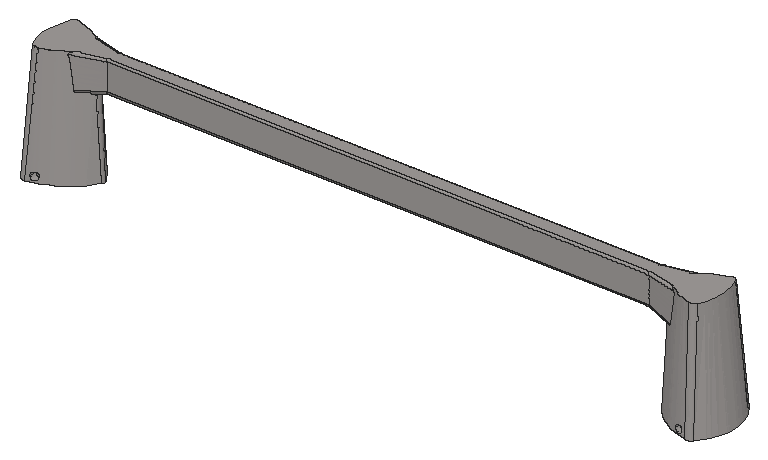
Revit family "FG77418-SUP413763", category Generic Models, host Face, Revit 2013
Parameters (values of type "FG77418-SUP413763")
  Unit = Stainless-Delta
  URL = "www.deltafaucet.com"
  Model = "FG77418"  # constant formula
  Manufacturer = "Delta"  # constant formula
  Description = "FG77418-SUP413763"
  Default Elevation = 1524.00 mm
Reference planes
  plane 1 "Center (Front/Back)": y = 0
  plane 2: z = 0
  plane 3 "Center (Left/Right)": x = 0
Dimensions and locks
  aligned and locked: plane 2 to host face
  aligned and locked: level to host face
  aligned and locked: plane 1 "Center (Front/Back)" to nested 1
  aligned and locked: plane 3 "Center (Left/Right)" to nested 1
  aligned and locked: nested 1 to level
Nested families
  nested 1: "FG77418" at (0, 0, 0), type "FG77418"
Definition of nested family "FG77418"
  Parameters (values of type "FG77418")
    Finish = none
  Reference planes
    plane 1 "Center (Front/Back)": y = 0
    plane 2: z = 0
    plane 3 "Center (Left/Right)": x = 0
    plane 4: through (0, 368.198, 229.941) normal (0, -0.7071, 0.7071)
  Forms (mm)
    Blend 1, solid, material <- "Finish"
      base sketch origin (0, 0, 0) x (1, 0, 0) y (0, 1, 0)
        loop
          arc (607.031, 61.197) -> (601.439, 64.938) -> (594.738, 65.559) r 13.672
          arc (594.738, 65.559) -> (543.133, 45.142) -> (505.178, 4.651) r 126.878
          arc (505.178, 4.651) -> (503.91, 0) -> (505.178, -4.651) r 9.16
          arc (505.178, -4.651) -> (543.197, -45.186) -> (594.892, -65.583) r 126.878
          arc (594.892, -65.583) -> (601.613, -64.949) -> (607.214, -61.181) r 13.692
          arc (607.214, -61.181) -> (630.54, 0.043) -> (607.031, 61.197) r 91.653
      top sketch origin (0, 0, 0) x (1, 0, 0) y (0, 1, 0)
        loop
          arc (598.652, 42.544) -> (593.745, 47.4) -> (586.868, 48) r 10.162
          arc (586.868, 48) -> (550.204, 32.296) -> (519.57, 6.754) r 137.862
          arc (519.57, 6.754) -> (516.987, 0) -> (519.57, -6.754) r 10.12
          arc (519.57, -6.754) -> (550.237, -32.316) -> (586.944, -48.02) r 137.862
          arc (586.944, -48.02) -> (593.792, -47.418) -> (598.676, -42.58) r 10.12
          arc (598.676, -42.58) -> (608.267, -0.015) -> (598.652, 42.544) r 99.124
      from 0 to 209.677
    Blend 2, solid, material <- "Finish"
      base sketch origin (0, 0, 0) x (0, 1, 0) y (0, 0, 1)
        loop
          line (35.226, 209.677) -> (-35.195, 209.677)
          arc (-35.195, 209.677) -> (-39.005, 208.127) -> (-40.65, 204.357) r 5.457
          line (-40.65, 204.357) -> (-42.272, 140.007)
          arc (-42.272, 140.007) -> (0, 147.543) -> (42.272, 140.007) r 122.325
          line (42.272, 140.007) -> (40.65, 204.388)
          arc (40.65, 204.388) -> (39.014, 208.136) -> (35.226, 209.677) r 5.425
      top sketch origin (0, 0, 0) x (0, 1, 0) y (0, 0, 1)
        loop
          line (15.24, 157.463) -> (15.24, 206.006)
          arc (15.24, 206.006) -> (14.165, 208.602) -> (11.569, 209.677) r 3.671
          line (11.569, 209.677) -> (-11.56, 209.677)
          arc (-11.56, 209.677) -> (-14.162, 208.599) -> (-15.24, 205.997) r 3.68
          line (-15.24, 205.997) -> (-15.24, 157.493)
          arc (-15.24, 157.493) -> (-14.165, 154.898) -> (-11.569, 153.822) r 3.671
          line (-11.569, 153.822) -> (11.599, 153.822)
          arc (11.599, 153.822) -> (14.174, 154.889) -> (15.24, 157.463) r 3.641
      from 587.627 to 488.709
    Blend 3, solid, material <- "Finish"
      base sketch origin (0, 0, 0) x (-1, 0, 0) y (0, -1, 0)
        loop
          arc (607.031, -61.197) -> (630.54, -0.043) -> (607.214, 61.181) r 91.653
          arc (607.214, 61.181) -> (601.613, 64.949) -> (594.892, 65.583) r 13.692
          arc (594.892, 65.583) -> (543.197, 45.186) -> (505.178, 4.651) r 126.878
          arc (505.178, 4.651) -> (503.91, 0) -> (505.178, -4.651) r 9.16
          arc (505.178, -4.651) -> (543.133, -45.142) -> (594.738, -65.559) r 126.878
          arc (594.738, -65.559) -> (601.439, -64.938) -> (607.031, -61.197) r 13.672
      top sketch origin (0, 0, 0) x (-1, 0, 0) y (0, -1, 0)
        loop
          arc (598.652, -42.544) -> (608.267, 0.015) -> (598.676, 42.58) r 99.124
          arc (598.676, 42.58) -> (593.792, 47.418) -> (586.944, 48.02) r 10.12
          arc (586.944, 48.02) -> (550.237, 32.316) -> (519.57, 6.754) r 137.862
          arc (519.57, 6.754) -> (516.987, 0) -> (519.57, -6.754) r 10.12
          arc (519.57, -6.754) -> (550.204, -32.296) -> (586.868, -48) r 137.862
          arc (586.868, -48) -> (593.745, -47.4) -> (598.652, -42.544) r 10.162
      from 0 to 209.677
    Blend 4, solid, material <- "Finish"
      base sketch origin (0, 0, 0) x (0, 1, 0) y (0, 0, -1)
        loop
          arc (35.226, -209.677) -> (39.014, -208.136) -> (40.65, -204.388) r 5.425
          line (40.65, -204.388) -> (42.272, -140.007)
          arc (42.272, -140.007) -> (0, -147.543) -> (-42.272, -140.007) r 122.325
          line (-42.272, -140.007) -> (-40.65, -204.357)
          arc (-40.65, -204.357) -> (-39.005, -208.127) -> (-35.195, -209.677) r 5.457
          line (-35.195, -209.677) -> (35.226, -209.677)
      top sketch origin (0, 0, 0) x (0, 1, 0) y (0, 0, -1)
        loop
          arc (15.24, -157.463) -> (14.174, -154.889) -> (11.599, -153.822) r 3.641
          line (11.599, -153.822) -> (-11.569, -153.822)
          arc (-11.569, -153.822) -> (-14.165, -154.898) -> (-15.24, -157.493) r 3.671
          line (-15.24, -157.493) -> (-15.24, -205.997)
          arc (-15.24, -205.997) -> (-14.162, -208.599) -> (-11.56, -209.677) r 3.68
          line (-11.56, -209.677) -> (11.569, -209.677)
          arc (11.569, -209.677) -> (14.165, -208.602) -> (15.24, -206.006) r 3.671
          line (15.24, -206.006) -> (15.24, -157.463)
      from 587.627 to 488.709
    Extrusion 5, solid, material <- "Finish"
      sketch origin (0, 0, 0) x (0, 1, 0) y (0, 0, 1)
        loop
          line (15.24, 157.463) -> (15.24, 206.006)
          arc (15.24, 206.006) -> (14.165, 208.602) -> (11.569, 209.677) r 3.671
          line (11.569, 209.677) -> (-11.56, 209.677)
          arc (-11.56, 209.677) -> (-14.162, 208.599) -> (-15.24, 205.997) r 3.68
          line (-15.24, 205.997) -> (-15.24, 157.493)
          arc (-15.24, 157.493) -> (-14.165, 154.898) -> (-11.569, 153.822) r 3.671
          line (-11.569, 153.822) -> (11.599, 153.822)
          arc (11.599, 153.822) -> (14.174, 154.889) -> (15.24, 157.463) r 3.641
      from -488.709 to 488.709
    Extrusion 6, void
      sketch origin (0, 0, 0) x (1, 0, 0) y (0, 0, 1)
        loop
          circle (580.663, 9.583) r 6.998
      from 50.945 to 66.282
    Extrusion 7, void
      sketch origin (0, 0, 0) x (-1, 0, 0) y (0, 0, -1)
        loop
          circle (580.663, -9.583) r 6.998
      from 50.945 to 66.282
  Cuts and joins
    Extrusion 6, Extrusion 7 cuts Blend 1
    Extrusion 6, Extrusion 7 cuts Blend 2
    Extrusion 7 cuts Blend 3
    joined: Blend 1, Blend 2, Blend 3, Blend 4, Extrusion 5
